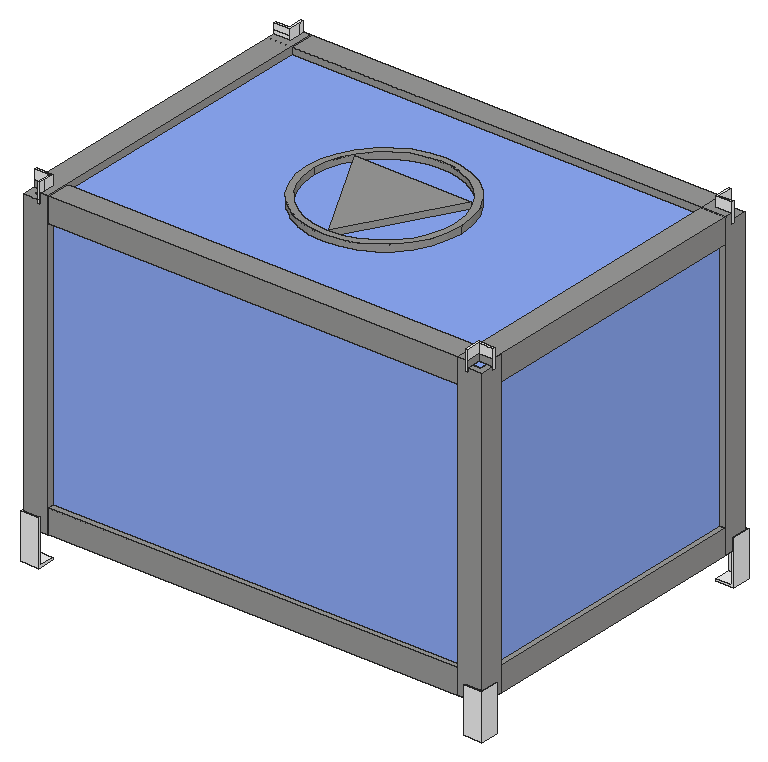
Revit family "1. Вентиляторы UTR V1", category Оборудование, Revit 2016
Family settings
  Тип детали = Нормальный
  Размер круглого соединителя = Использовать диаметр
  На основе рабочей плоскости = Нет
  Всегда вертикально = Да
  При загрузке вырезать с полостями = Нет
  Общий = Нет
  Точка расчета площади = Нет
Parameters (values of type "50-25/22")
  ширина = 500 mm
  размер В = 635 mm
  высота = 250 mm
  Синий = Синий
  Значок [instance] = yes
  Д1 = Д - 20 mm  # 490 mm
  Д = 510 mm
  ножки(да/нет) [instance] = no
  Г = 395 mm
  Б1 = Б - 20 mm  # 450 mm
  А1 = А - 20 mm  # 690 mm
  А = 710 mm
  высота ножек = 50 mm
  Б = 470 mm
  Частотный преобразователь [instance] = no
  Частота вращения n, об/мин = "2730"
  Тип, марка, обозначение = "UTR 50-25V1. 22-0,37x27(R)"
  Сила тока J, А = "1,66/0,96"
  Регулятор расхода [instance] = no
  Раздел = "ОВ"
  Примечание = ""
  Позиция = ""
  Напряжение U,В = "3х220/3х380"
  Наименование и тех.хар-ка = "Радиальный вентилятор с назад загнутыми лопатками выхлоп прямо"  # constant formula
  Мощность двигателя N,Вт = "370"
  Материал = RAL 0000 Серый металл
  Масса единицы = "43"
  Код, оборудования = ""
  Ключевая пометка = "Вентиляция"
  Задание электрикам [instance] = no
  Задание автоматчикам [instance] = no
  Завод изготовитель = "KORF"  # constant formula
  Единица измерения = "шт."  # constant formula
  h = высота ножек + 10 mm  # 60 mm
Types (23, lengths in mm): name | ширина | размер В | высота | Д1 | Д | Г | Б1 | А1 | А | Б | Частота вращения n, об/мин | Тип, марка, обозначение | Сила тока J, А | Напряжение U,В | Мощность двигателя N,Вт | Материал | Масса единицы
  50-25/22 | 500 | 635 | 250 | 490 | 510 | 395 | 450 | 690 | 710 | 470 | "2730" | "UTR 50-25V1. 22-0,37x27(R)" | "1,66/0,96" | "3х220/3х380" | "370" | RAL 0000 Серый металл | "43"
  50-25/25 | 500 | 635 | 250 | 490 | 510 | 395 | 450 | 690 | 710 | 470 | "2730" | "UTR 50-25V1. 25-0,55x27(R)" | "2,47/1,43" | "3х220/3х380" | "550" | Сталь серая | "45"
  50-30/25 | 500 | 635 | 300 | 490 | 510 | 445 | 500 | 690 | 710 | 520 | "2730" | "UTR 50-30V1. 25-0,55x27(R)" | "2,47/1,43" | "3х220/3х380" | "550" | Сталь серая | "47"
  50-30/28 | 500 | 635 | 300 | 690 | 710 | 445 | 500 | 690 | 710 | 520 | "2800" | "UTR 50-30V1. 28-1,1x28(R)" | "4,4/2,52" | "3х220/3х380" | "1100" | Сталь серая | "54"
  50-30/31 | 500 | 635 | 300 | 690 | 710 | 445 | 500 | 690 | 710 | 520 | "2800" | "UTR 50-30V1.31-1,1x28(R)" | "4,4/2,52" | "3х220/3х380" | "1100" | Сталь серая | "54"
  60-30/28 | 600 | 735 | 300 | 690 | 710 | 445 | 500 | 790 | 810 | 520 | "2800" | "UTR 60-30V1.28-1,1x28(R)" | "4,4/2,52" | "3х220/3х380" | "1100" | Сталь серая | "58"
  60-30/31 | 600 | 735 | 300 | 690 | 710 | 445 | 500 | 790 | 810 | 520 | "2800" | "UTR 60-30V1.31-1,1x28(R)" | "4,4/2,52" | "3х220/3х380" | "1100" | Сталь серая | "58"
  60-35/31 | 600 | 735 | 350 | 590 | 610 | 495 | 550 | 790 | 810 | 570 | "2800" | "UTR 60-35V1.31-1,1x28(R)" | "4,4/2,52" | "3х220/3х380" | "1100" | Сталь серая | "60"
  60-35/31-1,5 | 600 | 735 | 350 | 590 | 610 | 495 | 550 | 790 | 810 | 570 | "2880" | "UTR 60-35V1.31-1,5x28(R)" | "5,6/3,3" | "3х220/3х380" | "1500" | Сталь серая | "63"
  60-35/35 | 600 | 735 | 350 | 590 | 610 | 495 | 550 | 790 | 810 | 570 | "2860" | "UTR 60-35V1.35-2,2x28(R)" | "8,0/4,6" | "3х220/3х380" | "2200" | Сталь серая | "70"
  70-40/31 | 700 | 835 | 400 | 590 | 610 | 545 | 600 | 890 | 910 | 620 | "2800" | "UTR 70-40V1.31-1,1x28(R)" | "4,4/2,52" | "3х220/3х380" | "1100" | Сталь серая | "66"
  70-40/31-2,2 | 700 | 835 | 400 | 690 | 710 | 545 | 600 | 890 | 910 | 620 | "2860" | "UTR 70-40V1.31-2,2x28(R)" | "8,0/4,6" | "3х220/3х380" | "2200" | Сталь серая | "75"
  70-40/35 | 700 | 835 | 400 | 690 | 710 | 545 | 600 | 890 | 910 | 620 | "2860" | "UTR 70-40V1.35-2,2x28(R)" | "8,0/4,6" | "3х220/3х380" | "2200" | Сталь серая | "75"
  80-50/35 | 800 | 935 | 500 | 690 | 710 | 645 | 700 | 990 | 1010 | 720 | "2860" | "UTR 80-50V1.35-2,2x28(R)" | "8,0/4,6" | "3х220/3х380" | "2200" | Сталь серая | "84"
  80-50/35-3,0 | 800 | 935 | 500 | 690 | 710 | 645 | 700 | 990 | 1010 | 720 | "2860" | "UTR 80-50V1.35-3,0x28(R)" | "10,5/6,0" | "3х220/3х380" | "3000" | Сталь серая | "88"
  80-50/40 | 800 | 935 | 500 | 820 | 840 | 645 | 700 | 990 | 1010 | 720 | "2850" | "UTR 80-50V1.40-4,0x28(R)" | "8,0/4,6" | "3х380/3х660" | "4000" | Сталь серая | "105"
  90-50/35 | 900 | 1050 | 500 | 710 | 730 | 665 | 720 | 1105 | 1125 | 740 | "2860" | "UTR 90-50V1.35-3,0x28(R)" | "10,5/6,0" | "3х220/3х380" | "3000" | Сталь серая | "96"
  90-50/40 | 900 | 1050 | 500 | 820 | 840 | 665 | 720 | 1105 | 1125 | 740 | "2850" | "UTR 90-50V1.40-4,0x28(R)" | "8,0/4,6" | "3х380/3х660" | "4000" | Сталь серая | "111"
  90-50/45 | 900 | 1050 | 500 | 820 | 840 | 665 | 720 | 1105 | 1125 | 740 | "1410" | "UTR 90-50V1.45-3,0x14(R)" | "11,6/6,7" | "3х220/3х380" | "3000" | Сталь серая | "112"
  100-50/40 | 1000 | 1150 | 500 | 820 | 840 | 665 | 720 | 1205 | 1225 | 740 | "2850" | "UTR 100-50V1.40-4,0x28(R)" | "8,0/4,6" | "3х380/3х660" | "4000" | Сталь серая | "117"
  100-50/45 | 1000 | 1150 | 500 | 820 | 840 | 665 | 720 | 1205 | 1225 | 740 | "1410" | "UTR 100-50V1.45-3,0x14(R)" | "11,6/6,7" | "3х220/3х380" | "3000" | Сталь серая | "116"
  100-50/45-4,0 | 1000 | 1150 | 500 | 820 | 840 | 665 | 720 | 1205 | 1225 | 740 | "1410" | "UTR 100-50V1.45-4,0x14(R)" | "8,5/4,9" | "3х380/3х660" | "4000" | Сталь серая | "124"
  100-50/45-5,5 | 1000 | 1150 | 500 | 820 | 840 | 665 | 720 | 1205 | 1225 | 740 | "1430" | "UTR 100-50V1.45-5,5x14(R)" | "11,0/6,5" | "3х380/3х660" | "4000" | Сталь серая | "133"
Reference planes
  plane 1 "По центру (Вперед/Назад)": y = 0
  plane 2: z = 0
  plane 3 "По центру (Влево/Вправо)": x = 0
  plane 4: x = -345
  plane 5: x = 345
  plane 6: y = 245
  plane 7: y = -245
  plane 8: z = 510
  plane 9: z = 60
  plane 10: z = 535
  plane 11: x = 0
Forms (mm)
  Extrusion 1, solid, material "Синий" <- "Синий", detail levels fine
    sketch origin (0, 0, 50) x (1, 0, 0) y (0, 1, 0)
      loop
        line (-345, 245) -> (-345, -245) -> (345, -245) -> (345, 245) -> (-345, 245)
    from 10 to 460
  Sweep 2, solid, material "RAL 0000 Серый металл" <- "Материал", detail levels fine
    path origin (345, -245, 50) x (-1, 0, 0) y (0, 0, -1)
      loop
        line (0, -460) -> (690, -460) -> (690, -10) -> (0, -10) -> (0, -460)
    profile "Профиль уголок 10х10 : Профиль уголок 10х10" origin (0, -245, 510) x (0, 0, -1) y (0, -1, 0)
      loop
        line (0, -27.5) -> (0, 0) -> (27.5, 0) -> (27.5, 10) -> (-10, 10) -> (-10, -27.5) -> (0, -27.5)
  Sweep 3, solid, material "RAL 0000 Серый металл" <- "Материал", detail levels fine
    path origin (-345, 245, 50) x (1, 0, 0) y (0, 0, -1)
      loop
        line (0, -460) -> (690, -460) -> (690, -10) -> (0, -10) -> (0, -460)
    profile "Профиль уголок 10х10 : Профиль уголок 10х10" origin (0, 245, 510) x (0, 0, -1) y (0, 1, 0)
      loop
        line (0, -27.5) -> (0, 0) -> (27.5, 0) -> (27.5, 10) -> (-10, 10) -> (-10, -27.5) -> (0, -27.5)
  Sweep 4, solid, material "RAL 0000 Серый металл" <- "Материал", detail levels fine
    path origin (345, 245, 50) x (0, -1, 0) y (0, 0, -1)
      loop
        line (0, -460) -> (490, -460) -> (490, -10) -> (0, -10) -> (0, -460)
    profile "Профиль уголок 10х10 : Профиль уголок 10х10" origin (345, 0, 510) x (0, 0, -1) y (1, 0, 0)
      loop
        line (0, -27.5) -> (0, 0) -> (27.5, 0) -> (27.5, 10) -> (-10, 10) -> (-10, -27.5) -> (0, -27.5)
  Sweep 5, solid, material "RAL 0000 Серый металл" <- "Материал", detail levels fine
    path origin (-345, -245, 50) x (0, 1, 0) y (0, 0, -1)
      loop
        line (0, -460) -> (490, -460) -> (490, -10) -> (0, -10) -> (0, -460)
    profile "Профиль уголок 10х10 : Профиль уголок 10х10" origin (-345, 0, 510) x (0, 0, -1) y (-1, 0, 0)
      loop
        line (0, -27.5) -> (0, 0) -> (27.5, 0) -> (27.5, 10) -> (-10, 10) -> (-10, -27.5) -> (0, -27.5)
  Extrusion 6, void
    sketch origin (-345, -244.965, 60) x (0, -1, 0) y (0, 0, -1)
      loop
        line (-477.965, -475) -> (-477.965, -450) -> (-528.913, -450) -> (-528.913, -475) -> (-477.965, -475)
    from -47.452 to 12
  Extrusion 7, void, not visible
    sketch origin (-345, -245, 50) x (0, -1, 0) y (0, 0, -1)
      loop
        line (-477.965, -475) -> (-477.965, -450) -> (-528.913, -450) -> (-528.913, -475) -> (-477.965, -475)
    from -47.452 to 12
  Extrusion 8, void
    sketch origin (345, 244.965, 60) x (0, 1, 0) y (0, 0, -1)
      loop
        line (-11.965, -475) -> (38.984, -475) -> (38.984, -450) -> (-11.965, -450) -> (-11.965, -475)
    from -47.452 to 12
  Extrusion 9, void
    sketch origin (-345, -244.965, 60) x (0, -1, 0) y (0, 0, -1)
      loop
        line (-11.965, -475) -> (38.984, -475) -> (38.984, -450) -> (-11.965, -450) -> (-11.965, -475)
    from -47.452 to 12
  Extrusion 10, void
    sketch origin (345, 244.965, 60) x (0, 1, 0) y (0, 0, -1)
      loop
        line (-477.965, -475) -> (-477.965, -450) -> (-528.913, -450) -> (-528.913, -475) -> (-477.965, -475)
    from -47.452 to 12
  Extrusion 11, solid, material "RAL 0000 Серый металл" <- "Материал", visible <- "Значок", detail levels fine
    sketch origin (0, 0, 0) x (1, 0, 0) y (0, 1, 0)
      loop
        circle (0, 0) r 110
      loop
        circle (0, 0) r 120
      loop
        line (-90.263, 55) -> (0, -106.976) -> (90.263, 55) -> (-90.263, 55)
    from 510 to 520
Cuts and joins
  Extrusion 6, Extrusion 8, Extrusion 9, Extrusion 10 cuts Extrusion 1
  Extrusion 6, Extrusion 8, Extrusion 9, Extrusion 10 cuts Sweep 3
  Extrusion 6, Extrusion 8, Extrusion 9 cuts Sweep 5
  Extrusion 8, Extrusion 10 cuts Sweep 4
  Extrusion 9, Extrusion 10 cuts Sweep 2
Lines and regions (mm)
  model lines, style "InvisibleLines"
    curve 1: line (345, -245, 510) -> (-345, -245, 510)
    curve 2: line (-345, -245, 510) -> (-345, -245, 60)
    curve 3: line (-345, -245, 60) -> (345, -245, 60)
    curve 4: line (345, -245, 60) -> (345, -245, 510)
    curve 5: line (345, -245, 510) -> (-345, -245, 510)
    curve 6: line (-345, -245, 510) -> (-345, -245, 60)
    curve 7: line (-345, -245, 60) -> (345, -245, 60)
    curve 8: line (345, -245, 60) -> (345, -245, 510)
    curve 9: line (345, -245, 510) -> (-345, -245, 510)
    curve 10: line (-345, -245, 510) -> (-345, -245, 60)
    curve 11: line (-345, -245, 60) -> (345, -245, 60)
    curve 12: line (345, -245, 60) -> (345, -245, 510)
    curve 13: line (-345, 245, 510) -> (345, 245, 510)
    curve 14: line (345, 245, 510) -> (345, 245, 60)
    curve 15: line (345, 245, 60) -> (-345, 245, 60)
    curve 16: line (-345, 245, 60) -> (-345, 245, 510)
Dimensions and locks
  equal spacing: plane 6, plane 1 "По центру (Вперед/Назад)", plane 7
  "Д1": plane 6 to plane 7
  equal spacing: plane 4, plane 3 "По центру (Влево/Вправо)", plane 5
  "А1": plane 4 to plane 5
  "h": plane 9 to level
  "Б1": plane 8 to plane 9
  locked: plane 10 to plane 8 at 25
  cut or joined group of Sweep 2, Extrusion 9, Extrusion 10 to level = 50 mm
  plane 8 to plane 9 = 450 mm
  aligned and locked: level to plane 2
  aligned and locked: plane 6 to Extrusion 1
  aligned and locked: plane 5 to Extrusion 1
  aligned and locked: Extrusion 1 to plane 7
  aligned and locked: Extrusion 1 to plane 4
  aligned and locked: plane 8 to Extrusion 1
  aligned and locked: curve 8 to Extrusion 1
  aligned and locked: Extrusion 1 to plane 9
  aligned and locked: Sweep 4 sketch curve to Extrusion 1  (x2)
  aligned and locked: Sweep 5 sketch curve to Extrusion 1  (x2)
  aligned and locked: nested 1 to Sweep 5  (x2)
  aligned and locked: nested 2 to Sweep 4
  aligned and locked: Sweep 4 to nested 2
  aligned and locked: nested 4 to Sweep 4  (x2)
  aligned and locked: Sweep 5 to nested 3
  aligned and locked: nested 3 to Sweep 5
  aligned and locked: Extrusion 6 to nested 5  (x2)
  aligned and locked: Extrusion 8 to nested 7
  aligned and locked: nested 7 to Extrusion 8
  aligned and locked: Extrusion 9 to nested 8
  aligned and locked: nested 8 to Extrusion 9
  aligned and locked: Extrusion 10 to nested 9
  aligned and locked: nested 9 to Extrusion 10
  aligned and locked: nested 8 to cut or joined group of Sweep 2, Extrusion 9, Extrusion 10  (x2)
  aligned and locked: nested 5 to cut or joined group of Sweep 3, Extrusion 6, Extrusion 8, Extrusion 9, Extrusion 10
  aligned and locked: nested 5 to cut or joined group of Sweep 5, Extrusion 6, Extrusion 8, Extrusion 9
  aligned and locked: nested 7 to cut or joined group of Sweep 4, Extrusion 8, Extrusion 10
  aligned and locked: nested 7 to cut or joined group of Sweep 3, Extrusion 6, Extrusion 8, Extrusion 9, Extrusion 10
  aligned and locked: nested 9 to cut or joined group of Sweep 2, Extrusion 9, Extrusion 10
  aligned and locked: cut or joined group of Sweep 2, Extrusion 9, Extrusion 10 to nested 9
  aligned and locked: nested 8 to plane 10
  aligned and locked: plane 10 to nested 9
  aligned and locked: plane 10 to nested 5
  aligned and locked: nested 7 to plane 10
  aligned and locked: plane 7 to nested 10
  aligned and locked: plane 4 to nested 10
  aligned and locked: Extrusion 11 to plane 8
  aligned and locked: nested 11 to plane 9
  aligned and locked: Extrusion 11 to cut or joined group of Sweep 3, Extrusion 6, Extrusion 8, Extrusion 9, Extrusion 10
Automatic sketch dimensions
  Extrusion 6 sketch curve to Extrusion 6 sketch curve = 50.949 mm
  Extrusion 6 sketch curve to Extrusion 6 sketch curve = 25 mm
  Extrusion 7 sketch curve to Extrusion 7 sketch curve = 50.949 mm
  Extrusion 7 sketch curve to Extrusion 7 sketch curve = 25 mm
  Extrusion 8 sketch curve to Extrusion 8 sketch curve = 50.949 mm
  Extrusion 8 sketch curve to Extrusion 8 sketch curve = 25 mm
  Extrusion 9 sketch curve to Extrusion 9 sketch curve = 50.949 mm
  Extrusion 9 sketch curve to Extrusion 9 sketch curve = 25 mm
  Extrusion 10 sketch curve to Extrusion 10 sketch curve = 50.949 mm
  Extrusion 10 sketch curve to Extrusion 10 sketch curve = 25 mm
  plane 4 to Extrusion 1 sketch curve = 0 mm
  Extrusion 1 sketch curve to plane 5 = 0 mm
  Extrusion 1 sketch curve to plane 7 = 0 mm
  Extrusion 1 sketch curve to plane 6 = 0 mm
  curve 6 to Extrusion 1 = 0 mm  (x2)
  curve 1 to Extrusion 1 = 0 mm
  Sweep 2 sketch curve to Extrusion 1 = 0 mm  (x4)
  curve 16 to Extrusion 1 = 0 mm
  Extrusion 1 to curve 16 = 0 mm
  curve 15 to Extrusion 1 = 0 mm  (x2)
  Sweep 3 sketch curve to Extrusion 1 = 0 mm  (x3)
  Extrusion 1 to Sweep 3 sketch curve = 0 mm
  Sweep 4 sketch curve to Extrusion 1 = 0 mm  (x2)
  Sweep 5 sketch curve to Extrusion 1 = 0 mm  (x2)
  Extrusion 11 sketch curve to Extrusion 11 sketch curve = 0 mm  (x2)
  Extrusion 11 sketch curve to plane 3 "По центру (Влево/Вправо)" = 0 mm  (x2)
  plane 1 "По центру (Вперед/Назад)" to Extrusion 11 sketch curve = 0 mm
  Extrusion 11 sketch curve to plane 1 "По центру (Вперед/Назад)" = 55 mm
  plane 3 "По центру (Влево/Вправо)" to Extrusion 11 sketch curve = 90.263 mm
  Extrusion 11 sketch curve to plane 3 "По центру (Влево/Вправо)" = 90.263 mm
  plane 1 "По центру (Вперед/Назад)" to Extrusion 11 sketch curve = 106.976 mm
  radius of Extrusion 11 sketch curve = 120 mm
  radius of Extrusion 11 sketch curve = 110 mm
Nested families
  nested 1: "Ножка 50мм" at (-358, 258, 0), type "Ножка 50мм", detail levels fine
  nested 2: "Ножка 50мм" at (358, 258, 0) x (-1, 0, 0) z (0, 0, 1), type "Ножка 50мм", detail levels fine
  nested 3: "Ножка 50мм" at (-358, -258, 0), type "Ножка 50мм", detail levels fine
  nested 4: "Ножка 50мм" at (358, -258, 0) x (-1, 0, 0) z (0, 0, 1), type "Ножка 50мм", detail levels fine
  nested 5: "крепление 15мм" at (-330, 230, 505), type "крепление 15мм", detail levels fine
  nested 6: "крепление 15мм" at (-330, 229.965, 495), type "крепление 15мм", not visible, detail levels fine
  nested 7: "крепление 15мм" at (330, 230, 505) x (-1, 0, 0) z (0, 0, 1), type "крепление 15мм", detail levels fine
  nested 8: "крепление 15мм" at (-330, -230, 505), type "крепление 15мм", detail levels fine
  nested 9: "крепление 15мм" at (330, -230, 505) x (-1, 0, 0) z (0, 0, 1), type "крепление 15мм", detail levels fine
  nested 10: "УГО вентилятор" at (0, 0, 510), длина <- "Д1", Ширина <- "А1", type "УГО вентилятор", detail levels coarse
    with длина 490 mm, Ширина 690 mm
  nested 11: "УГО вентилятор (разрез)" at (0, 0, 60) x (0, -1, 0) z (0, 0, 1), длина <- "Д1", высота <- "Б1", type "УГО вентилятор (разрез)", detail levels medium
    with длина 490 mm, высота 450 mm, Ширина 0 mm
Connectors
  hvac at (0, -255, 285), driven by "высота", driven by "ширина"
    settings: on cut or joined group of Sweep 2, Extrusion 9, Extrusion 10, index 1, duct flow 0.0 L/s, flow factor 0, pres drop 0.0 Pa, loss coef 0, conn angle 0.00°, conn width 500 mm, conn height 250 mm, conn diameter 609.6 mm, duct sys type 28, conn prof type 1, flow config 0, flow direction 0, loss method 0, conn ref index 2, conn util no, is conn primary yes, conn desc ""
  hvac at (0, 255, 285), driven by "высота", driven by "ширина"
    settings: on cut or joined group of Sweep 3, Extrusion 6, Extrusion 8, Extrusion 9, Extrusion 10, index 2, duct flow 0.0 L/s, flow factor 0, pres drop 0.0 Pa, loss coef 0, conn angle 0.00°, conn width 500 mm, conn height 250 mm, conn diameter 609.6 mm, duct sys type 28, conn prof type 1, flow config 0, flow direction 0, loss method 0, conn ref index 1, conn util no, is conn primary no, conn desc ""
Definition of nested family "Ножка 50мм"
  Parameters (values of type "Ножка 50мм")
    Материал ножек = none
  Reference planes
    plane 1 "По центру (Вперед/Назад)": y = 0
    plane 2: z = 0
    plane 3 "По центру (Влево/Вправо)": x = 0
  Forms (mm)
    Extrusion 1, solid, material <- "Материал ножек"
      sketch origin (0, 0, 0) x (1, 0, 0) y (0, 1, 0)
        loop
          line (0, 0) -> (0, -28) -> (3, -28) -> (3, -3) -> (28, -3) -> (28, 0) -> (0, 0)
      from 0 to 70
    Extrusion 2, solid, material <- "Материал ножек"
      sketch origin (0, 0, 0) x (1, 0, 0) y (0, 1, 0)
        loop
          line (0, 0) -> (0, -28.035) -> (28.021, -28.035) -> (28.021, 0) -> (0, 0)
      from 0 to 3
  Cuts and joins
    joined: Extrusion 1, Extrusion 2
  Dimensions and locks
    Extrusion 1 sketch curve to Extrusion 1 sketch curve = 3 mm  (x2)
    Extrusion 1 sketch curve to Extrusion 1 sketch curve = 28 mm  (x2)
    aligned and locked: level to plane 2
Definition of nested family "крепление 15мм"
  Parameters (values of type "крепление 15мм")
    Материал крепления = none
  Reference planes
    plane 1 "По центру (Вперед/Назад)": y = 0
    plane 2: z = 0
    plane 3 "По центру (Влево/Вправо)": x = 0
  Forms (mm)
    Extrusion 1, solid, material <- "Материал крепления"
      sketch origin (0, 0, 0) x (1, 0, 0) y (0, 1, 0)
        loop
          line (-25, 0) -> (0, 0) -> (0, 18.31) -> (0, 25) -> (-3, 25) -> (-3, 3) -> (-25, 3) -> (-25, 0)
      from 0 to 30
    Extrusion 2, void
      sketch origin (0, 0, 0) x (1, 0, 0) y (0, 1, 0)
        loop
          line (-3, 3) -> (-3, 54.96) -> (-58, 54.96) -> (-58, 3) -> (-3, 3)
      from 0 to 15
  Cuts and joins
    Extrusion 2 cuts Extrusion 1
  Dimensions and locks
    Extrusion 1 sketch curve to Extrusion 1 sketch curve = 3 mm  (x2)
    Extrusion 1 sketch curve to Extrusion 1 sketch curve to plane 3 "По центру (Влево/Вправо)" = 25 mm, 0 mm
    Extrusion 1 sketch curve to Extrusion 1 sketch curve = 25 mm
    aligned and locked: level to plane 2
Definition of nested family "УГО вентилятор"
  Parameters (values of type "УГО вентилятор")
    длина [instance] = 750 mm
    Ширина [instance] = 410 mm
    Частота вращения n, об/мин = ""
    Тип, марка, обозначение = ""
    Сила тока J, А = ""
    Раздел = "ВПИСАТЬ РАЗДЕЛ"
    Примечание = ""
    Позиция = ""
    Default Elevation = 1219.2 mm
    Напряжение U,В = ""
    Наименование и тех.хар-ка = ""
    Мощность двигателя N,Вт = ""
    Материал = none
    Масса единицы = ""
    Код, оборудования = ""
    Keynote = "ВПИСАТЬ СПЕЦИАЛЬНОСТЬ"
    Завод изготовитель = ""
    Единица измерения = ""
    Диаметр = 110 mm
  Reference planes
    plane 1 "По центру (Вперед/Назад)": y = 0
    plane 2: z = 0
    plane 3 "По центру (Влево/Вправо)": x = 0
    plane 4: y = 375
    plane 5: y = -375
    plane 6: x = -205
    plane 7: x = 205
  Lines and regions (mm)
    model lines
      curve 1: line (-205, 375, 0) -> (205, 375, 0)
      curve 2: line (-205, -375, 0) -> (-205, 375, 0)
      curve 3: line (205, -375, 0) -> (-205, -375, 0)
      curve 4: line (205, 375, 0) -> (205, -375, 0)
      curve 5: circle (0, 0, 0) r 110 normal (0, 0, 1)
      curve 6: line (0, -110, 0) -> (95.263, 55, 0)
      curve 7: line (-95.263, 55, 0) -> (95.263, 55, 0)
      curve 8: line (0, -110, 0) -> (-95.263, 55, 0)
  Dimensions and locks
    "Ширина": plane 6 to plane 7
    "длина": plane 4 to plane 5
    equal spacing: plane 5, plane 1 "По центру (Вперед/Назад)", plane 4
    equal spacing: plane 6, plane 3 "По центру (Влево/Вправо)", plane 7
    "Диаметр": radius of curve 5
    aligned and locked: level to plane 2
  Automatic sketch dimensions
    plane 5 to curve 3 = 0 mm
    curve 3 to plane 6 = 0 mm
    curve 8 to plane 3 "По центру (Влево/Вправо)" = 0 mm
    plane 1 "По центру (Вперед/Назад)" to curve 5 = 0 mm
    curve 5 to plane 3 "По центру (Влево/Вправо)" = 0 mm
    curve 1 to plane 4 = 0 mm
    curve 1 to plane 7 = 0 mm
    curve 8 to plane 1 "По центру (Вперед/Назад)" = 55 mm
Definition of nested family "УГО вентилятор (разрез)"
  Parameters (values of type "УГО вентилятор (разрез)")
    длина [instance] = 750 mm
    высота [instance] = 410 mm
    Ширина [instance] = 410 mm
    Частота вращения n, об/мин = ""
    Тип, марка, обозначение = ""
    Сила тока J, А = ""
    Раздел = ""
    Примечание = ""
    Позиция = ""
    Default Elevation = 1219.2 mm
    Напряжение U,В = ""
    Наименование и тех.хар-ка = ""
    Мощность двигателя N,Вт = ""
    Материал = none
    Масса единицы = ""
    Код, оборудования = ""
    Keynote = ""
    Завод изготовитель = ""
    Единица измерения = ""
    Диаметр = 110 mm
  Reference planes
    plane 1 "По центру (Вперед/Назад)": y = 0
    plane 2: z = 0
    plane 3 "По центру (Влево/Вправо)": x = 0
    plane 4: z = 410
    plane 5: x = 375
    plane 6: x = -375
    plane 7: z = 205
  Lines and regions (mm)
    model lines
      curve 1: circle (0, 0, 205) r 110 normal (0, -1, 0)
      curve 2: line (110, 0, 205) -> (-53.146, 0, 301.309)
      curve 3: line (110, 0, 205) -> (-53.146, 0, 108.691)
      curve 4: line (-375, 0, 0) -> (375, 0, 0)
      curve 5: line (-375, 0, 410) -> (-375, 0, 0)
      curve 6: line (375, 0, 410) -> (-375, 0, 410)
      curve 7: line (375, 0, 0) -> (375, 0, 410)
      curve 8: line (-53.146, 0, 301.309) -> (-53.146, 0, 108.691)
  Dimensions and locks
    equal spacing: plane 5, plane 3 "По центру (Влево/Вправо)", plane 6
    "длина": plane 5 to plane 6
    "высота": plane 4 to level
    equal spacing: plane 4, plane 7, plane 2
    radius of curve 1 = 110 mm
    aligned and locked: level to plane 2
  Automatic sketch dimensions
    curve 5 to level = 0 mm
    curve 5 to plane 6 = 0 mm
    curve 1 to plane 3 "По центру (Влево/Вправо)" = 0 mm
    curve 7 to plane 4 = 0 mm
    curve 7 to plane 5 = 0 mm
    curve 1 to plane 7 = 0 mm
    curve 2 to plane 7 = 0 mm
    curve 2 to plane 3 "По центру (Влево/Вправо)" = 53.146 mm
    curve 8 to curve 2 = 0 mm
    curve 3 to curve 8 = 0 mm
